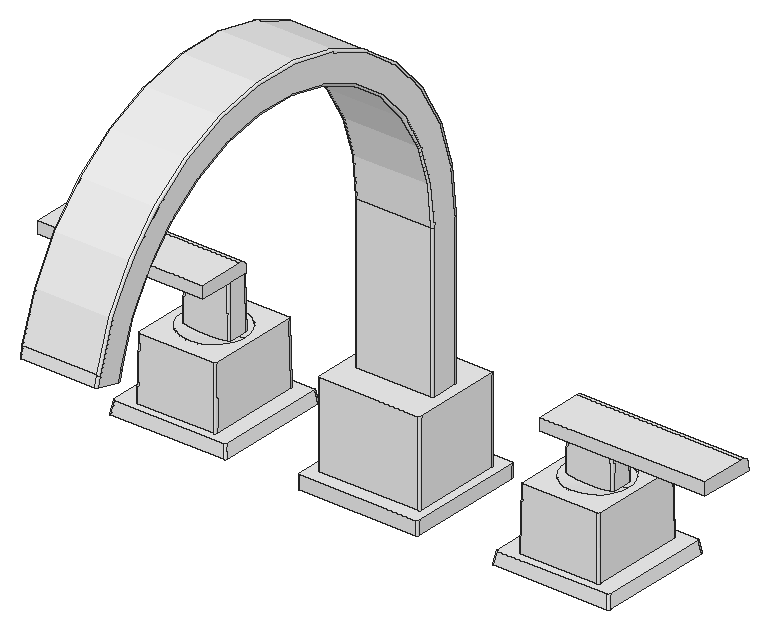
Revit family
Parameters (values of type "Polished Chrome")
  Waste Connection = no
  WFU = 0
  Version = 1
  Vent Connection = no
  URL = "http://www.deltafaucet.com"
  Product URL = "http://www.deltafaucet.com/bath/details/T2753.html"
  Overall Width [instance] = Handle Spread Distance + 0' 5 235/256"  # 1' - 1 235/256"
  Overall Length = 0' - 10.36693"  # constant formula
  Overall Height = 0' - 9.92244"  # constant formula
  Offset to Backsplash [instance] = 0' - 2 1/2"
  Model = "T2753"
  Manufacturer = "DELTA"  # constant formula
  Hot Water Connection Radius = Hot Water Connection NPT / 2  # 1/4"
  Hot Water Connection NPT = 1/2"
  Handle Spread Distance [instance] = 0' - 8"
  HWFU = 0
  HW Connection = yes
  Flow Pressure [instance] = 0.00 psi
  Finish = Chrome - DELTA - Polished
  Description = "Two Handle Roman Tub Faucet Trim"
  Collection = "Vero"  # constant formula
  Cold Water Connection Radius = Cold Water Connection NPT / 2  # 1/4"
  Cold Water Connection NPT = 1/2"
  CWFU = 0
  CW Connection = yes
  CADworks URL = "http://www.CADworks.net"
  Assembly Code = "D2010510"
  ADA Compliant = yes
Types (3): name | Product URL | Model | Finish
  (no name) | "http://www.deltafaucet.com/bath/details/T2753.html" | "T2753" | Chrome - DELTA - Polished
  Polished Chrome | "http://www.deltafaucet.com/bath/details/T2753.html" | "T2753" | Chrome - DELTA - Polished
  Brilliance Stainless | "http://www.deltafaucet.com/bath/details/T2753-SS.html" | "T2753-SS" | Steel - DELTA - Brilliance Stainless
Reference planes (in)
  plane 1 "Center (Front/Back)": y = 0
  plane 2: z = 0
  plane 3 "Center (Left/Right)": x = 0
  plane 4: y = -8.7626
  plane 5 "Wall Closure": y = 2.5
  plane 6: x = -4
  plane 7: x = 4
  plane 8: z = 0.27953
  plane 9: z = 2.02953
  plane 10: z = 2.65354
  plane 11: y = -0.54724
  plane 12: z = 9.92244
  plane 13: z = -0.25
  plane 14: x = 6.95898
  plane 15: z = 0.51181
  plane 16: z = 1.55118
  plane 17: z = 2.61417
  plane 18: z = 0.25197
  plane 19: y = -9.06772
  plane 20: y = 1.29921
  plane 21: x = -6.95898
Forms (in)
  Extrusion 1, solid, material "Chrome - DELTA - Polished" <- "Finish"
    sketch origin (0, 0, 0) x (1, 0, 0) y (0, 1, 0)
      loop
        arc (-1.25, -1.20669) -> (-1.23732, -1.23732) -> (-1.20669, -1.25) r 0.04331
        line (-1.20669, -1.25) -> (1.20669, -1.25)
        arc (1.20669, -1.25) -> (1.23732, -1.23732) -> (1.25, -1.20669) r 0.04331
        line (1.25, -1.20669) -> (1.25, 1.20669)
        arc (1.25, 1.20669) -> (1.23732, 1.23732) -> (1.20669, 1.25) r 0.04331
        line (1.20669, 1.25) -> (-1.20669, 1.25)
        arc (-1.20669, 1.25) -> (-1.23732, 1.23732) -> (-1.25, 1.20669) r 0.04331
        line (-1.25, 1.20669) -> (-1.25, -1.20669)
    from 0 to 0.27953
  Extrusion 2, solid, material "Chrome - DELTA - Polished" <- "Finish"
    sketch origin (1.25, -180, 0.27953) x (0, -1, 0) y (-1, 0, 0)
      loop
        line (-180.95866, 2.27165) -> (-180.95866, 0.22835)
        arc (-180.95866, 0.22835) -> (-180.94598, 0.19772) -> (-180.91535, 0.18504) r 0.04331
        line (-180.91535, 0.18504) -> (-179.08465, 0.18504)
        arc (-179.08465, 0.18504) -> (-179.05402, 0.19772) -> (-179.04134, 0.22835) r 0.04331
        line (-179.04134, 0.22835) -> (-179.04134, 2.27165)
        arc (-179.04134, 2.27165) -> (-179.05402, 2.30228) -> (-179.08465, 2.31496) r 0.04331
        line (-179.08465, 2.31496) -> (-180.91535, 2.31496)
        arc (-180.91535, 2.31496) -> (-180.94598, 2.30228) -> (-180.95866, 2.27165) r 0.04331
    from 0 to -1.75
  Sweep 3, solid, material "Chrome - DELTA - Polished" <- "Finish"
    path origin (0, 0, 0) x (0, 1, 0) y (0, 0, 1)
      loop
        line (0, 2.02953) -> (0, 5.18918)
        arc (0, 5.18918) -> (-3.91343, 9.57381) -> (-8.71288, 6.18189) r 4.41299
        line (-8.71288, 6.18189) -> (-8.7626, 5.96654)
    profile origin (0, 0, 3.60936) x (0, -1, 0) y (1, 0, 0)
      loop
        arc (0.26969, -0.81299) -> (0.30031, -0.80031) -> (0.31299, -0.76969) r 0.04331
        line (0.31299, -0.76969) -> (0.31299, 0.76969)
        arc (0.31299, 0.76969) -> (0.30031, 0.80031) -> (0.26969, 0.81299) r 0.04331
        line (0.26969, 0.81299) -> (-0.26969, 0.81299)
        arc (-0.26969, 0.81299) -> (-0.30031, 0.80031) -> (-0.31299, 0.76969) r 0.04331
        line (-0.31299, 0.76969) -> (-0.31299, -0.76969)
        arc (-0.31299, -0.76969) -> (-0.30031, -0.80031) -> (-0.26969, -0.81299) r 0.04331
        line (-0.26969, -0.81299) -> (0.26969, -0.81299)
  Blend 4, solid, material "Chrome - DELTA - Polished" <- "Finish"
    base sketch origin (0, 0, 0) x (1, 0, 0) y (0, 1, 0)
      loop
        arc (2.77559, -1.1811) -> (2.78827, -1.21173) -> (2.8189, -1.22441) r 0.04331
        line (2.8189, -1.22441) -> (5.1811, -1.22441)
        arc (5.1811, -1.22441) -> (5.21173, -1.21173) -> (5.22441, -1.1811) r 0.04331
        line (5.22441, -1.1811) -> (5.22441, 1.1811)
        arc (5.22441, 1.1811) -> (5.21173, 1.21173) -> (5.1811, 1.22441) r 0.04331
        line (5.1811, 1.22441) -> (2.8189, 1.22441)
        arc (2.8189, 1.22441) -> (2.78827, 1.21173) -> (2.77559, 1.1811) r 0.04331
        line (2.77559, 1.1811) -> (2.77559, -1.1811)
    top sketch origin (0, 0, 0) x (1, 0, 0) y (0, 1, 0)
      loop
        line (5.1378, 1.1811) -> (2.8622, 1.1811)
        arc (2.8622, 1.1811) -> (2.83158, 1.16842) -> (2.8189, 1.1378) r 0.04331
        line (2.8189, 1.1378) -> (2.8189, -1.1378)
        arc (2.8189, -1.1378) -> (2.83158, -1.16842) -> (2.8622, -1.1811) r 0.04331
        line (2.8622, -1.1811) -> (5.1378, -1.1811)
        arc (5.1378, -1.1811) -> (5.16842, -1.16842) -> (5.1811, -1.1378) r 0.04331
        line (5.1811, -1.1378) -> (5.1811, 1.1378)
        arc (5.1811, 1.1378) -> (5.16842, 1.16842) -> (5.1378, 1.1811) r 0.04331
    from 0 to 0.25197
  Blend 5, solid, material "Chrome - DELTA - Polished" <- "Finish"
    base sketch origin (0, 0, 0) x (-1, 0, 0) y (0, -1, 0)
      loop
        line (2.77559, 1.1811) -> (2.77559, -1.1811)
        arc (2.77559, -1.1811) -> (2.78827, -1.21173) -> (2.8189, -1.22441) r 0.04331
        line (2.8189, -1.22441) -> (5.1811, -1.22441)
        arc (5.1811, -1.22441) -> (5.21173, -1.21173) -> (5.22441, -1.1811) r 0.04331
        line (5.22441, -1.1811) -> (5.22441, 1.1811)
        arc (5.22441, 1.1811) -> (5.21173, 1.21173) -> (5.1811, 1.22441) r 0.04331
        line (5.1811, 1.22441) -> (2.8189, 1.22441)
        arc (2.8189, 1.22441) -> (2.78827, 1.21173) -> (2.77559, 1.1811) r 0.04331
    top sketch origin (0, 0, 0) x (-1, 0, 0) y (0, -1, 0)
      loop
        arc (5.1378, -1.1811) -> (5.16842, -1.16842) -> (5.1811, -1.1378) r 0.04331
        line (5.1811, -1.1378) -> (5.1811, 1.1378)
        arc (5.1811, 1.1378) -> (5.16842, 1.16842) -> (5.1378, 1.1811) r 0.04331
        line (5.1378, 1.1811) -> (2.8622, 1.1811)
        arc (2.8622, 1.1811) -> (2.83158, 1.16842) -> (2.8189, 1.1378) r 0.04331
        line (2.8189, 1.1378) -> (2.8189, -1.1378)
        arc (2.8189, -1.1378) -> (2.83158, -1.16842) -> (2.8622, -1.1811) r 0.04331
        line (2.8622, -1.1811) -> (5.1378, -1.1811)
    from 0 to 0.25197
  Blend 6, solid, material "Chrome - DELTA - Polished" <- "Finish"
    base sketch origin (1.25, -180, 0.51181) x (0, -1, 0) y (1, 0, 0)
      loop
        arc (-179.03937, 1.91535) -> (-179.00875, 1.92804) -> (-178.99606, 1.95866) r 0.04331
        line (-178.99606, 1.95866) -> (-178.99606, 3.54134)
        arc (-178.99606, 3.54134) -> (-179.00875, 3.57196) -> (-179.03937, 3.58465) r 0.04331
        line (-179.03937, 3.58465) -> (-180.96063, 3.58465)
        arc (-180.96063, 3.58465) -> (-180.99125, 3.57196) -> (-181.00394, 3.54134) r 0.04331
        line (-181.00394, 3.54134) -> (-181.00394, 1.95866)
        arc (-181.00394, 1.95866) -> (-180.99125, 1.92804) -> (-180.96063, 1.91535) r 0.04331
        line (-180.96063, 1.91535) -> (-179.03937, 1.91535)
    top sketch origin (1.25, -180, 0.51181) x (0, -1, 0) y (1, 0, 0)
      loop
        arc (-180.98425, 1.98031) -> (-180.97157, 1.94969) -> (-180.94094, 1.93701) r 0.04331
        line (-180.94094, 1.93701) -> (-179.05906, 1.93701)
        arc (-179.05906, 1.93701) -> (-179.02843, 1.94969) -> (-179.01575, 1.98031) r 0.04331
        line (-179.01575, 1.98031) -> (-179.01575, 3.51969)
        arc (-179.01575, 3.51969) -> (-179.02843, 3.55031) -> (-179.05906, 3.56299) r 0.04331
        line (-179.05906, 3.56299) -> (-180.94094, 3.56299)
        arc (-180.94094, 3.56299) -> (-180.97157, 3.55031) -> (-180.98425, 3.51969) r 0.04331
        line (-180.98425, 3.51969) -> (-180.98425, 1.98031)
    from -0.25984 to 1.03937
  Blend 7, solid, material "Chrome - DELTA - Polished" <- "Finish"
    base sketch origin (-1.25, -180, 0.51181) x (0, 1, 0) y (-1, 0, 0)
      loop
        line (179.03937, 1.91535) -> (180.96063, 1.91535)
        arc (180.96063, 1.91535) -> (180.99125, 1.92804) -> (181.00394, 1.95866) r 0.04331
        line (181.00394, 1.95866) -> (181.00394, 3.54134)
        arc (181.00394, 3.54134) -> (180.99125, 3.57196) -> (180.96063, 3.58465) r 0.04331
        line (180.96063, 3.58465) -> (179.03937, 3.58465)
        arc (179.03937, 3.58465) -> (179.00875, 3.57196) -> (178.99606, 3.54134) r 0.04331
        line (178.99606, 3.54134) -> (178.99606, 1.95866)
        arc (178.99606, 1.95866) -> (179.00875, 1.92804) -> (179.03937, 1.91535) r 0.04331
    top sketch origin (-1.25, -180, 0.51181) x (0, 1, 0) y (-1, 0, 0)
      loop
        line (180.98425, 1.98031) -> (180.98425, 3.51969)
        arc (180.98425, 3.51969) -> (180.97157, 3.55031) -> (180.94094, 3.56299) r 0.04331
        line (180.94094, 3.56299) -> (179.05906, 3.56299)
        arc (179.05906, 3.56299) -> (179.02843, 3.55031) -> (179.01575, 3.51969) r 0.04331
        line (179.01575, 3.51969) -> (179.01575, 1.98031)
        arc (179.01575, 1.98031) -> (179.02843, 1.94969) -> (179.05906, 1.93701) r 0.04331
        line (179.05906, 1.93701) -> (180.94094, 1.93701)
        arc (180.94094, 1.93701) -> (180.97157, 1.94969) -> (180.98425, 1.98031) r 0.04331
    from -0.25984 to 1.03937
  Revolve 8, void
    sketch origin (0, 0, 0) x (1, 0, 0) y (0, 0, 1)
      loop
        line (4, 1.55118) -> (3.33858, 1.55118)
        arc (3.33858, 1.55118) -> (3.66696, 1.4922) -> (4, 1.47244) r 2.81732
        line (4, 1.47244) -> (4, 1.55118)
      axis (4, 1.55118) -> (4, 1.47244)
    angle from 0 to 360
  Revolve 9, void
    sketch origin (0, 0, 0) x (-1, 0, 0) y (0, 0, 1)
      loop
        line (4, 1.55118) -> (3.33858, 1.55118)
        arc (3.33858, 1.55118) -> (3.66696, 1.4922) -> (4, 1.47244) r 2.81732
        line (4, 1.47244) -> (4, 1.55118)
      axis (4, 1.55118) -> (4, 1.47244)
    angle from 0 to 360
  Blend 10, solid, material "Chrome - DELTA - Polished" <- "Finish"
    base sketch origin (1.25, -180, 1.55118) x (0, -1, 0) y (1, 0, 0)
      loop
        arc (-179.8189, 2.25) -> (-179.78827, 2.26268) -> (-179.77559, 2.29331) r 0.04331
        line (-179.77559, 2.29331) -> (-179.77559, 3.20669)
        arc (-179.77559, 3.20669) -> (-179.78827, 3.23732) -> (-179.8189, 3.25) r 0.04331
        line (-179.8189, 3.25) -> (-180.20472, 3.25)
        arc (-180.20472, 3.25) -> (-180.23535, 3.23732) -> (-180.24803, 3.20669) r 0.04331
        line (-180.24803, 3.20669) -> (-180.24803, 2.29331)
        arc (-180.24803, 2.29331) -> (-180.23535, 2.26268) -> (-180.20472, 2.25) r 0.04331
        line (-180.20472, 2.25) -> (-179.8189, 2.25)
    top sketch origin (1.25, -180, 1.55118) x (0, -1, 0) y (1, 0, 0)
      loop
        line (-179.77559, 2.31102) -> (-179.77559, 3.18898)
        arc (-179.77559, 3.18898) -> (-179.78827, 3.2196) -> (-179.8189, 3.23228) r 0.04331
        line (-179.8189, 3.23228) -> (-180.18898, 3.23228)
        arc (-180.18898, 3.23228) -> (-180.2196, 3.2196) -> (-180.23228, 3.18898) r 0.04331
        line (-180.23228, 3.18898) -> (-180.23228, 2.31102)
        arc (-180.23228, 2.31102) -> (-180.2196, 2.2804) -> (-180.18898, 2.26772) r 0.04331
        line (-180.18898, 2.26772) -> (-179.8189, 2.26772)
        arc (-179.8189, 2.26772) -> (-179.78827, 2.2804) -> (-179.77559, 2.31102) r 0.04331
    from -0.09843 to 1.06299
  Blend 11, solid, material "Chrome - DELTA - Polished" <- "Finish"
    base sketch origin (-1.25, -180, 1.55118) x (0, 1, 0) y (-1, 0, 0)
      loop
        line (179.8189, 2.25) -> (180.20472, 2.25)
        arc (180.20472, 2.25) -> (180.23535, 2.26268) -> (180.24803, 2.29331) r 0.04331
        line (180.24803, 2.29331) -> (180.24803, 3.20669)
        arc (180.24803, 3.20669) -> (180.23535, 3.23732) -> (180.20472, 3.25) r 0.04331
        line (180.20472, 3.25) -> (179.8189, 3.25)
        arc (179.8189, 3.25) -> (179.78827, 3.23732) -> (179.77559, 3.20669) r 0.04331
        line (179.77559, 3.20669) -> (179.77559, 2.29331)
        arc (179.77559, 2.29331) -> (179.78827, 2.26268) -> (179.8189, 2.25) r 0.04331
    top sketch origin (-1.25, -180, 1.55118) x (0, 1, 0) y (-1, 0, 0)
      loop
        arc (179.77559, 2.31102) -> (179.78827, 2.2804) -> (179.8189, 2.26772) r 0.04331
        line (179.8189, 2.26772) -> (180.18898, 2.26772)
        arc (180.18898, 2.26772) -> (180.2196, 2.2804) -> (180.23228, 2.31102) r 0.04331
        line (180.23228, 2.31102) -> (180.23228, 3.18898)
        arc (180.23228, 3.18898) -> (180.2196, 3.2196) -> (180.18898, 3.23228) r 0.04331
        line (180.18898, 3.23228) -> (179.8189, 3.23228)
        arc (179.8189, 3.23228) -> (179.78827, 3.2196) -> (179.77559, 3.18898) r 0.04331
        line (179.77559, 3.18898) -> (179.77559, 2.31102)
    from -0.09843 to 1.06299
  Extrusion 12, solid, material "Chrome - DELTA - Polished" <- "Finish"
    sketch origin (4, 61.77165, 48) x (0, 1, 0) y (0, 0, -1)
      loop
        line (-61.53868, 45.4252) -> (-62.67323, 45.38976) -> (-62.67323, 45.1378) -> (-61.70232, 45.1378)
        arc (-61.70232, 45.1378) -> (-61.58919, 45.18408) -> (-61.54093, 45.29639) r 0.16142
        line (-61.54093, 45.29639) -> (-61.53868, 45.4252)
    from -2.95866 to 0.48228
  Extrusion 13, solid, material "Chrome - DELTA - Polished" <- "Finish"
    sketch origin (-4, 61.77165, 48) x (0, 1, 0) y (0, 0, 1)
      loop
        line (-61.53868, -45.4252) -> (-61.54093, -45.29639)
        arc (-61.54093, -45.29639) -> (-61.58919, -45.18408) -> (-61.70232, -45.1378) r 0.16142
        line (-61.70232, -45.1378) -> (-62.67323, -45.1378) -> (-62.67323, -45.38976) -> (-61.53868, -45.4252)
    from -2.95866 to 0.48228
  Extrusion 14, solid, material "Chrome - DELTA - Polished" <- "Finish", detail levels fine
    sketch origin (1.25, -180, -0.25) x (0, -1, 0) y (-1, 0, 0)
      loop
        circle (-180, 5.25) r 0.25
      loop
        circle (-180, -2.75) r 0.25
    from 0 to -0.25
Cuts and joins
  Revolve 8, Revolve 9 cuts Blend 6
  Revolve 9 cuts Blend 7
Lines and regions (in)
  Masking region 1
    outline origin (0, 0, 0) x (1, 0, 0) y (0, 1, 0)
      loop
        line (-0.81299, -1.25) -> (-0.81299, -9.02709)
        arc (-0.81299, -9.02709) -> (-0.79947, -9.05601) -> (-0.76969, -9.06751) r 0.04276
        line (-0.76969, -9.06751) -> (0.76969, -9.06757)
        arc (0.76969, -9.06757) -> (0.79947, -9.05601) -> (0.81299, -9.02709) r 0.04276
        line (0.81299, -9.02709) -> (0.81299, -1.25) -> (1.20669, -1.25)
        arc (1.20669, -1.25) -> (1.23732, -1.23732) -> (1.25, -1.20669) r 0.04331
        line (1.25, -1.20669) -> (1.25, 1.20669)
        arc (1.25, 1.20669) -> (1.23732, 1.23732) -> (1.20669, 1.25) r 0.04331
        line (1.20669, 1.25) -> (-1.20669, 1.25)
        arc (-1.20669, 1.25) -> (-1.23732, 1.23732) -> (-1.25, 1.20669) r 0.04331
        line (-1.25, 1.20669) -> (-1.25, -1.20669)
        arc (-1.25, -1.20669) -> (-1.23732, -1.23732) -> (-1.20669, -1.25) r 0.04331
        line (-1.20669, -1.25) -> (-0.81299, -1.25)
  Masking region 2
    outline origin (0, 0, 0) x (1, 0, 0) y (0, 1, 0)
      loop
        line (-5.22441, 0.23297) -> (-6.95898, 0.23297) -> (-6.95898, -0.90157) -> (-5.22441, -0.90157) -> (-5.22441, -1.18144)
        arc (-5.22441, -1.18144) -> (-5.21182, -1.21182) -> (-5.18144, -1.22441) r 0.04297
        line (-5.18144, -1.22441) -> (-2.81856, -1.22441)
        arc (-2.81856, -1.22441) -> (-2.78818, -1.21182) -> (-2.77559, -1.18144) r 0.04297
        line (-2.77559, -1.18144) -> (-2.77559, 1.18144)
        arc (-2.77559, 1.18144) -> (-2.78818, 1.21182) -> (-2.81856, 1.22441) r 0.04297
        line (-2.81856, 1.22441) -> (-5.18144, 1.22441)
        arc (-5.18144, 1.22441) -> (-5.21182, 1.21182) -> (-5.22441, 1.18144) r 0.04297
        line (-5.22441, 1.18144) -> (-5.22441, 0.23297)
  Masking region 3
    outline origin (0, 0, 0) x (1, 0, 0) y (0, 1, 0)
      loop
        arc (2.81856, 1.22441) -> (2.78818, 1.21182) -> (2.77559, 1.18144) r 0.04297
        line (2.77559, 1.18144) -> (2.77559, -1.18144)
        arc (2.77559, -1.18144) -> (2.78818, -1.21182) -> (2.81856, -1.22441) r 0.04297
        line (2.81856, -1.22441) -> (5.18144, -1.22441)
        arc (5.18144, -1.22441) -> (5.21182, -1.21182) -> (5.22441, -1.18144) r 0.04297
        line (5.22441, -1.18144) -> (5.22441, -0.90157) -> (6.95898, -0.90157) -> (6.95898, 0.23297) -> (5.22441, 0.23297) -> (5.22441, 1.18144)
        arc (5.22441, 1.18144) -> (5.21182, 1.21182) -> (5.18144, 1.22441) r 0.04297
        line (5.18144, 1.22441) -> (2.81856, 1.22441)
  symbolic lines
    curve 1: line (-5.22441, 0.23297, 9.92244) -> (-3.51772, 0.23297, 9.92244)
    curve 2: line (-3.51772, 0.23297, 9.92244) -> (-3.51772, -0.90157, 9.92244)
    curve 3: line (-3.51772, -0.90157, 9.92244) -> (-5.22441, -0.90157, 9.92244)
    curve 14: line (-0.81299, -1.25, 9.92244) -> (-0.81299, 0.26969, 9.92244)
    curve 15: arc (-0.81299, 0.26969, 9.92244) -> (-0.80031, 0.30031, 9.92244) -> (-0.76969, 0.31299, 9.92244) r 0.04331
    curve 16: line (-0.76969, 0.31299, 9.92244) -> (0.76969, 0.31299, 9.92244)
    curve 17: arc (0.76969, 0.31299, 9.92244) -> (0.80031, 0.30031, 9.92244) -> (0.81299, 0.26969, 9.92244) r 0.04331
    curve 18: line (0.81299, 0.26969, 9.92244) -> (0.81299, -1.25, 9.92244)
    curve 27: line (3.51772, 0.23297, 9.92244) -> (5.22441, 0.23297, 9.92244)
    curve 28: line (3.51772, -0.90157, 9.92244) -> (3.51772, 0.23297, 9.92244)
    curve 29: line (5.22441, -0.90157, 9.92244) -> (3.51772, -0.90157, 9.92244)
  symbolic lines, detail levels fine
    curve 4: arc (-4.61903, 0.23297, 9.92244) -> (-3.65045, 0.5615, 9.92244) -> (-3.51772, -0.45263, 9.92244) r 0.66142
    curve 30: arc (3.51772, -0.45263, 9.92244) -> (3.65045, 0.5615, 9.92244) -> (4.61903, 0.23297, 9.92244) r 0.66142
  symbolic lines, detail levels medium+fine
    curve 5: line (-4.83465, -0.96063, 9.92244) -> (-4.83465, -0.90157, 9.92244)
    curve 6: arc (-4.83465, 0.96063, 9.92244) -> (-4.82196, 0.99125, 9.92244) -> (-4.79134, 1.00394, 9.92244) r 0.04331
    curve 7: line (-4.79134, 1.00394, 9.92244) -> (-3.20866, 1.00394, 9.92244)
    curve 8: arc (-3.20866, 1.00394, 9.92244) -> (-3.17804, 0.99125, 9.92244) -> (-3.16535, 0.96063, 9.92244) r 0.04331
    curve 9: line (-3.16535, 0.96063, 9.92244) -> (-3.16535, -0.96063, 9.92244)
    curve 10: arc (-3.16535, -0.96063, 9.92244) -> (-3.17804, -0.99125, 9.92244) -> (-3.20866, -1.00394, 9.92244) r 0.04331
    curve 11: line (-3.20866, -1.00394, 9.92244) -> (-4.79134, -1.00394, 9.92244)
    curve 12: arc (-4.79134, -1.00394, 9.92244) -> (-4.82196, -0.99125, 9.92244) -> (-4.83465, -0.96063, 9.92244) r 0.04331
    curve 13: line (-4.83465, 0.23297, 9.92244) -> (-4.83465, 0.96063, 9.92244)
    curve 19: line (1.02165, -0.95866, 9.92244) -> (0.81299, -0.95866, 9.92244)
    curve 20: arc (-1.02165, -0.95866, 9.92244) -> (-1.05228, -0.94598, 9.92244) -> (-1.06496, -0.91535, 9.92244) r 0.04331
    curve 21: line (-1.06496, -0.91535, 9.92244) -> (-1.06496, 0.91535, 9.92244)
    curve 22: arc (1.06496, -0.91535, 9.92244) -> (1.05228, -0.94598, 9.92244) -> (1.02165, -0.95866, 9.92244) r 0.04331
    curve 23: line (1.06496, 0.91535, 9.92244) -> (1.06496, -0.91535, 9.92244)
    curve 24: arc (-1.06496, 0.91535, 9.92244) -> (-1.05228, 0.94598, 9.92244) -> (-1.02165, 0.95866, 9.92244) r 0.04331
    curve 25: line (-1.02165, 0.95866, 9.92244) -> (1.02165, 0.95866, 9.92244)
    curve 26: arc (1.02165, 0.95866, 9.92244) -> (1.05228, 0.94598, 9.92244) -> (1.06496, 0.91535, 9.92244) r 0.04331
    curve 31: line (3.20866, 1.00394, 9.92244) -> (4.79134, 1.00394, 9.92244)
    curve 32: arc (3.16535, 0.96063, 9.92244) -> (3.17804, 0.99125, 9.92244) -> (3.20866, 1.00394, 9.92244) r 0.04331
    curve 33: line (3.16535, -0.96063, 9.92244) -> (3.16535, 0.96063, 9.92244)
    curve 34: arc (4.79134, 1.00394, 9.92244) -> (4.82196, 0.99125, 9.92244) -> (4.83465, 0.96063, 9.92244) r 0.04331
    curve 35: line (4.83465, 0.96063, 9.92244) -> (4.83465, 0.23297, 9.92244)
    curve 36: arc (3.20866, -1.00394, 9.92244) -> (3.17804, -0.99125, 9.92244) -> (3.16535, -0.96063, 9.92244) r 0.04331
    curve 37: line (4.79134, -1.00394, 9.92244) -> (3.20866, -1.00394, 9.92244)
    curve 38: arc (4.83465, -0.96063, 9.92244) -> (4.82196, -0.99125, 9.92244) -> (4.79134, -1.00394, 9.92244) r 0.04331
    curve 39: line (4.83465, -0.90157, 9.92244) -> (4.83465, -0.96063, 9.92244)
    curve 40: line (-0.81299, -0.95866, 9.92244) -> (-1.02165, -0.95866, 9.92244)
Dimensions and locks (in)
  "Offset to Backsplash": plane 1 "Center (Front/Back)" to plane 5 "Wall Closure"
  locked: plane 4 to plane 1 "Center (Front/Back)" at 8.7626
  "Handle Spread Distance": plane 7 to plane 6
  equal spacing: plane 7, plane 3 "Center (Left/Right)", plane 6
  locked: plane 8 to plane 2 at 0.27953
  Extrusion 1 sketch curve to Extrusion 1 sketch curve to plane 3 "Center (Left/Right)" to Extrusion 1 sketch curve to Extrusion 1 sketch curve = 0' - 0.04331" locked, 0' - 1.20669" locked, 0' - 1.20669" locked, 0' - 0.04331" locked
  Extrusion 1 sketch curve to plane 3 "Center (Left/Right)" to Extrusion 1 sketch curve = 0' - 1.20669" locked, 0' - 1.20669" locked
  Extrusion 1 sketch curve to Extrusion 1 sketch curve to plane 1 "Center (Front/Back)" to Extrusion 1 sketch curve to Extrusion 1 sketch curve = 0' - 0.04331" locked, 0' - 1.20669" locked, 0' - 1.20669" locked, 0' - 0.04331" locked
  Extrusion 1 sketch curve to plane 1 "Center (Front/Back)" to Extrusion 1 sketch curve = 0' - 1.20669" locked, 0' - 1.20669" locked
  Extrusion 2 sketch curve to Extrusion 2 sketch curve to plane 3 "Center (Left/Right)" to Extrusion 2 sketch curve = 0' - 0.04331" locked, 0' - 1.02165" locked, 0' - 1.06496"
  Extrusion 2 sketch curve to plane 3 "Center (Left/Right)" to Extrusion 2 sketch curve = 0' - 1.02165" locked, 0' - 1.02165" locked
  Extrusion 2 sketch curve to Extrusion 2 sketch curve to plane 1 "Center (Front/Back)" to Extrusion 2 sketch curve to Extrusion 2 sketch curve = 0' - 0.04331" locked, 0' - 0.91535" locked, 0' - 0.91535" locked, 0' - 0.04331" locked
  Extrusion 2 sketch curve to plane 1 "Center (Front/Back)" to Extrusion 2 sketch curve = 0' - 0.91535" locked, 0' - 0.91535" locked
  locked: plane 10 to plane 2 at 2.65354
  locked: plane 9 to plane 2 at 2.02953
  locked: plane 11 to plane 1 "Center (Front/Back)" at 0.54724
  Sweep 3 sketch curve to Sweep 3 sketch curve to plane 3 "Center (Left/Right)" to Sweep 3 sketch curve to Sweep 3 sketch curve = 0' - 0.04331" locked, 0' - 0.76969" locked, 0' - 0.76969" locked, 0' - 0.04331" locked
  Sweep 3 sketch curve to plane 3 "Center (Left/Right)" to Sweep 3 sketch curve = 0' - 0.76969" locked, 0' - 0.76969" locked
  Sweep 3 sketch curve to Sweep 3 sketch curve to plane 1 "Center (Front/Back)" to Sweep 3 sketch curve to Sweep 3 sketch curve = 0' - 0.04331" locked, 0' - 0.26969" locked, 0' - 0.26969" locked, 0' - 0.04331" locked
  Sweep 3 sketch curve to plane 1 "Center (Front/Back)" to Sweep 3 sketch curve = 0' - 0.26969" locked, 0' - 0.26969" locked
  "Overall Height": plane 12 to plane 2
  locked: plane 2 to plane 13 at 0.25
  locked: plane 15 to plane 2 at 0.51181
  Blend 4 sketch curve to Blend 4 sketch curve to plane 7 to Blend 4 sketch curve to Blend 4 sketch curve = 0' - 0.04331" locked, 0' - 1.1811" locked, 0' - 1.1811" locked, 0' - 0.04331" locked
  Blend 4 sketch curve to plane 7 to Blend 4 sketch curve = 0' - 1.1811" locked, 0' - 1.1811" locked
  Blend 4 sketch curve to Blend 4 sketch curve to plane 1 "Center (Front/Back)" to Blend 4 sketch curve to Blend 4 sketch curve = 0' - 0.04331" locked, 0' - 1.1811" locked, 0' - 1.1811" locked, 0' - 0.04331" locked
  Blend 4 sketch curve to plane 1 "Center (Front/Back)" to Blend 4 sketch curve = 0' - 1.1811" locked, 0' - 1.1811" locked
  Blend 4 sketch curve to Blend 4 sketch curve to plane 1 "Center (Front/Back)" to Blend 4 sketch curve to Blend 4 sketch curve = 0' - 0.04331" locked, 0' - 1.1378" locked, 0' - 1.1378" locked, 0' - 0.04331" locked
  Blend 4 sketch curve to plane 1 "Center (Front/Back)" to Blend 4 sketch curve = 0' - 1.1378" locked, 0' - 1.1378" locked
  Blend 4 sketch curve to Blend 4 sketch curve to plane 7 to Blend 4 sketch curve to Blend 4 sketch curve = 0' - 0.04331" locked, 0' - 1.1378" locked, 0' - 1.1378" locked, 0' - 0.04331" locked
  Blend 4 sketch curve to plane 7 to Blend 4 sketch curve = 0' - 1.1378" locked, 0' - 1.1378" locked
  Blend 5 sketch curve to Blend 5 sketch curve to plane 6 to Blend 5 sketch curve to Blend 5 sketch curve = 0' - 0.04331" locked, 0' - 1.1811" locked, 0' - 1.1811" locked, 0' - 0.04331" locked
  Blend 5 sketch curve to plane 6 to Blend 5 sketch curve = 0' - 1.1811" locked, 0' - 1.1811" locked
  Blend 5 sketch curve to Blend 5 sketch curve to plane 1 "Center (Front/Back)" to Blend 5 sketch curve to Blend 5 sketch curve = 0' - 0.04331" locked, 0' - 1.1811" locked, 0' - 1.1811" locked, 0' - 0.04331" locked
  Blend 5 sketch curve to plane 1 "Center (Front/Back)" to Blend 5 sketch curve = 0' - 1.1811" locked, 0' - 1.1811" locked
  Blend 5 sketch curve to Blend 5 sketch curve to plane 1 "Center (Front/Back)" to Blend 5 sketch curve to Blend 5 sketch curve = 0' - 0.04331" locked, 0' - 1.1378" locked, 0' - 1.1378" locked, 0' - 0.04331" locked
  Blend 5 sketch curve to plane 1 "Center (Front/Back)" to Blend 5 sketch curve = 0' - 1.1378" locked, 0' - 1.1378" locked
  Blend 5 sketch curve to Blend 5 sketch curve to plane 6 to Blend 5 sketch curve to Blend 5 sketch curve = 0' - 0.04331" locked, 0' - 1.1378" locked, 0' - 1.1378" locked, 0' - 0.04331" locked
  Blend 5 sketch curve to plane 6 to Blend 5 sketch curve = 0' - 1.1378" locked, 0' - 1.1378" locked
  locked: plane 18 to plane 16 at 1.29921
  Blend 6 sketch curve to Blend 6 sketch curve to plane 7 to Blend 6 sketch curve to Blend 6 sketch curve = 0' - 0.04331" locked, 0' - 0.79134" locked, 0' - 0.79134" locked, 0' - 0.04331" locked
  Blend 6 sketch curve to plane 7 to Blend 6 sketch curve = 0' - 0.79134" locked, 0' - 0.79134" locked
  Blend 6 sketch curve to Blend 6 sketch curve to plane 1 "Center (Front/Back)" to Blend 6 sketch curve to Blend 6 sketch curve = 0' - 0.04331" locked, 0' - 0.96063" locked, 0' - 0.96063" locked, 0' - 0.04331" locked
  Blend 6 sketch curve to plane 1 "Center (Front/Back)" to Blend 6 sketch curve = 0' - 0.96063" locked, 0' - 0.96063" locked
  Blend 6 sketch curve to Blend 6 sketch curve to plane 7 to Blend 6 sketch curve to Blend 6 sketch curve = 0' - 0.04331" locked, 0' - 0.76969" locked, 0' - 0.76969" locked, 0' - 0.04331" locked
  Blend 6 sketch curve to plane 7 to Blend 6 sketch curve = 0' - 0.76969" locked, 0' - 0.76969" locked
  Blend 6 sketch curve to Blend 6 sketch curve to plane 1 "Center (Front/Back)" to Blend 6 sketch curve to Blend 6 sketch curve = 0' - 0.04331" locked, 0' - 0.94094" locked, 0' - 0.94094" locked, 0' - 0.04331" locked
  Blend 6 sketch curve to plane 1 "Center (Front/Back)" to Blend 6 sketch curve = 0' - 0.94094" locked, 0' - 0.94094" locked
  Blend 7 sketch curve to Blend 7 sketch curve to plane 6 to Blend 7 sketch curve to Blend 7 sketch curve = 0' - 0.04331" locked, 0' - 0.79134" locked, 0' - 0.79134" locked, 0' - 0.04331" locked
  Blend 7 sketch curve to plane 6 to Blend 7 sketch curve = 0' - 0.79134" locked, 0' - 0.79134" locked
  Blend 7 sketch curve to Blend 7 sketch curve to plane 1 "Center (Front/Back)" to Blend 7 sketch curve to Blend 7 sketch curve = 0' - 0.04331" locked, 0' - 0.96063" locked, 0' - 0.96063" locked, 0' - 0.04331" locked
  Blend 7 sketch curve to plane 1 "Center (Front/Back)" to Blend 7 sketch curve = 0' - 0.96063" locked, 0' - 0.96063" locked
  Blend 7 sketch curve to Blend 7 sketch curve to Blend 7 sketch curve to Blend 7 sketch curve = 0' - 0.04331" locked, 0' - 1.53937", 0' - 0.04331" locked
  Blend 7 sketch curve to Blend 7 sketch curve = 0' - 1.53937"
  Blend 7 sketch curve to Blend 7 sketch curve to Blend 7 sketch curve to Blend 7 sketch curve = 0' - 0.04331" locked, 0' - 1.88189", 0' - 0.04331" locked
  Blend 7 sketch curve to Blend 7 sketch curve = 0' - 1.88189"
  locked: Revolve 8 sketch curve to Revolve 8 sketch curve at 0.66142
  locked: plane 16 to Revolve 8 sketch curve at 0.07874
  locked: Revolve 9 sketch curve to Revolve 9 sketch curve at 0.66142
  locked: plane 16 to Revolve 9 sketch curve at 0.07874
  Blend 10 sketch curve to Blend 10 sketch curve to plane 7 to Blend 10 sketch curve to Blend 10 sketch curve = 0' - 0.04331" locked, 0' - 0.45669" locked, 0' - 0.45669" locked, 0' - 0.04331" locked
  Blend 10 sketch curve to plane 7 to Blend 10 sketch curve = 0' - 0.45669" locked, 0' - 0.45669" locked
  Blend 10 sketch curve to Blend 10 sketch curve to plane 1 "Center (Front/Back)" to Blend 10 sketch curve to Blend 10 sketch curve = 0' - 0.04331" locked, 0' - 0.1811" locked, 0' - 0.20472" locked, 0' - 0.04331" locked
  Blend 10 sketch curve to plane 1 "Center (Front/Back)" to Blend 10 sketch curve = 0' - 0.1811" locked, 0' - 0.20472" locked
  Blend 10 sketch curve to Blend 10 sketch curve to plane 7 to Blend 10 sketch curve to Blend 10 sketch curve = 0' - 0.04331" locked, 0' - 0.43898" locked, 0' - 0.43898" locked, 0' - 0.04331" locked
  Blend 10 sketch curve to plane 7 to Blend 10 sketch curve = 0' - 0.43898" locked, 0' - 0.43898" locked
  Blend 10 sketch curve to Blend 10 sketch curve to plane 1 "Center (Front/Back)" to Blend 10 sketch curve to Blend 10 sketch curve = 0' - 0.04331" locked, 0' - 0.1811" locked, 0' - 0.18898" locked, 0' - 0.04331" locked
  Blend 10 sketch curve to plane 1 "Center (Front/Back)" to Blend 10 sketch curve = 0' - 0.1811" locked, 0' - 0.18898" locked
  locked: plane 17 to plane 2 at 2.61417
  Blend 11 sketch curve to Blend 11 sketch curve to plane 6 to Blend 11 sketch curve to Blend 11 sketch curve = 0' - 0.04331" locked, 0' - 0.45669" locked, 0' - 0.45669" locked, 0' - 0.04331" locked
  Blend 11 sketch curve to plane 6 to Blend 11 sketch curve = 0' - 0.45669" locked, 0' - 0.45669" locked
  Blend 11 sketch curve to Blend 11 sketch curve to plane 1 "Center (Front/Back)" to Blend 11 sketch curve to Blend 11 sketch curve = 0' - 0.04331" locked, 0' - 0.20472" locked, 0' - 0.1811" locked, 0' - 0.04331" locked
  Blend 11 sketch curve to plane 1 "Center (Front/Back)" to Blend 11 sketch curve = 0' - 0.20472" locked, 0' - 0.1811" locked
  Blend 11 sketch curve to Blend 11 sketch curve to plane 6 to Blend 11 sketch curve to Blend 11 sketch curve = 0' - 0.04331" locked, 0' - 0.43898" locked, 0' - 0.43898" locked, 0' - 0.04331" locked
  Blend 11 sketch curve to plane 6 to Blend 11 sketch curve = 0' - 0.43898" locked, 0' - 0.43898" locked
  Blend 11 sketch curve to Blend 11 sketch curve to plane 1 "Center (Front/Back)" to Blend 11 sketch curve to Blend 11 sketch curve = 0' - 0.04331" locked, 0' - 0.18898" locked, 0' - 0.1811" locked, 0' - 0.04331" locked
  Blend 11 sketch curve to plane 1 "Center (Front/Back)" to Blend 11 sketch curve = 0' - 0.18898" locked, 0' - 0.1811" locked
  locked: plane 16 to Blend 11 at 0.09843
  locked: plane 17 to Blend 11 at 1.16142
  locked: plane 16 to Blend 10 at 0.09843
  locked: plane 17 to Blend 10 at 1.16142
  Extrusion 12 sketch curve to plane 1 "Center (Front/Back)" to Extrusion 12 sketch curve to Extrusion 12 sketch curve to Extrusion 12 sketch curve = 0' - 0.90157" locked, 0' - 0.06933" locked, 0' - 0.16139" locked, 0' - 0.00225" locked
  Extrusion 12 sketch curve to Extrusion 12 sketch curve to plane 17 to Extrusion 12 sketch curve to Extrusion 12 sketch curve = 0' - 0.03543" locked, 0' - 0.00394" locked, 0' - 0.08943" locked, 0' - 0.1586" locked
  Extrusion 12 to plane 7 to Extrusion 12 = 0' - 0.48228" locked, 0' - 2.95866" locked
  Extrusion 13 sketch curve to plane 1 "Center (Front/Back)" to Extrusion 13 sketch curve to Extrusion 13 sketch curve to Extrusion 13 sketch curve = 0' - 0.90157" locked, 0' - 0.06933" locked, 0' - 0.16139" locked, 0' - 0.00225" locked
  Extrusion 13 sketch curve to Extrusion 13 sketch curve to plane 17 to Extrusion 13 sketch curve to Extrusion 13 sketch curve = 0' - 0.03543" locked, 0' - 0.00394" locked, 0' - 0.08943" locked, 0' - 0.1586" locked
  Extrusion 13 to plane 6 to Extrusion 13 = 0' - 0.48228" locked, 0' - 2.95866" locked
  locked: plane 18 to plane 2 at 0.25197
  locked: plane 1 "Center (Front/Back)" to plane 20 at 1.29921
  "Overall Length": plane 20 to plane 19
  locked: plane 6 to Extrusion 14 sketch curve at 0
  locked: plane 1 "Center (Front/Back)" to Extrusion 14 sketch curve at 0  (x2)
  locked: plane 7 to Extrusion 14 sketch curve at 0
  locked: Sweep 3 sketch curve to plane 2 at 5.96654
  Sweep 3 sketch curve to Sweep 3 sketch curve to plane 1 "Center (Front/Back)" = 0' - 0.04972" locked, 0' - 8.71288" locked
  locked: plane 9 to Sweep 3 sketch curve at 3.15966
  locked: plane 6 to plane 21 at 2.95898
  locked: plane 7 to plane 14 at 2.95898
  equal spacing: Masking region 1 sketch curve, plane 3 "Center (Left/Right)", Masking region 1 sketch curve  (x2)
  locked: Masking region 1 sketch curve to Masking region 1 sketch curve at 2.5
  Masking region 1 sketch curve to Masking region 1 sketch curve to Masking region 1 sketch curve to plane 1 "Center (Front/Back)" = 0' - 7.81757" locked, 0' - 0" locked, 0' - 1 1/4" locked
  locked: Masking region 1 sketch curve to plane 19 at 10.31772
  locked: Masking region 1 sketch curve to Masking region 1 sketch curve at 1.62598
  equal spacing: Masking region 3 sketch curve, plane 1 "Center (Front/Back)", Masking region 3 sketch curve
  locked: Masking region 3 sketch curve to Masking region 3 sketch curve at 2.44882  (x2)
  equal spacing: Masking region 3 sketch curve, plane 7, Masking region 3 sketch curve
  equal spacing: Masking region 2 sketch curve, plane 6, Masking region 2 sketch curve
  locked: Masking region 2 sketch curve to Masking region 2 sketch curve at 2.44882  (x2)
  equal spacing: Masking region 2 sketch curve, plane 1 "Center (Front/Back)", Masking region 2 sketch curve
  Masking region 2 sketch curve to plane 1 "Center (Front/Back)" to Masking region 2 sketch curve = 0' - 0.23297" locked, 0' - 0.90157" locked
  Masking region 3 sketch curve to plane 1 "Center (Front/Back)" to Masking region 3 sketch curve = 0' - 0.90157" locked, 0' - 0.23297" locked
  radius of Extrusion 1 sketch curve = 0' - 0.04331"  (x4)
  radius of Sweep 3 sketch curve = 0' - 0.04331"  (x4)
  radius of Blend 4 sketch curve = 0' - 0.04331"  (x8)
  radius of Blend 5 sketch curve = 0' - 0.04331"  (x8)
  radius of Blend 6 sketch curve = 0' - 0.04331"  (x8)
  radius of Blend 7 sketch curve = 0' - 0.04331"  (x8)
  radius of Revolve 8 sketch curve = 0' - 2.81732"
  radius of Revolve 9 sketch curve = 0' - 2.81732"
  radius of Blend 10 sketch curve = 0' - 0.04331"  (x8)
  radius of Blend 11 sketch curve = 0' - 0.04331"  (x8)
  radius of Extrusion 12 sketch curve = 0' - 0.16142"
  radius of Extrusion 13 sketch curve = 0' - 0.16142"
  "Cold Water Connection Radius": radius of Extrusion 14 sketch curve
  "Hot Water Connection Radius": radius of Extrusion 14 sketch curve
  radius of Sweep 3 sketch curve = 0' - 4.41299"
  radius of Masking region 1 sketch curve = 0' - 0.04331"  (x4)
  radius of Masking region 1 sketch curve = 0' - 0.04276"  (x2)
  radius of Masking region 3 sketch curve = 0' - 0 11/256"  (x4)
  radius of Masking region 2 sketch curve = 0' - 0 11/256"  (x4)
  locked: plane 9 to Sweep 3 sketch curve (angle 77.00°)
  aligned and locked: Extrusion 1 to plane 2
  aligned and locked: Extrusion 1 to plane 8
  aligned and locked: plane 8 to Extrusion 2
  aligned and locked: Extrusion 2 to plane 9
  aligned and locked: plane 9 to Sweep 3 sketch curve
  aligned: Blend 4 to plane 15
  aligned and locked: Blend 4 to plane 2
  aligned and locked: Blend 5 to plane 2
  aligned: Blend 5 to plane 15
  aligned and locked: Blend 6 to plane 16
  aligned: plane 15 to Blend 6
  aligned: plane 15 to Blend 7
  aligned and locked: Blend 7 to plane 16
  aligned and locked: plane 7 to Revolve 8 sketch curve
  aligned and locked: Revolve 8 sketch curve to Revolve 8 sketch curve
  aligned and locked: plane 16 to Revolve 8 sketch curve
  aligned and locked: Revolve 9 sketch curve to Revolve 9 sketch curve
  aligned and locked: Revolve 9 sketch curve to plane 6
  aligned and locked: Revolve 9 sketch curve to plane 16
  aligned: Blend 10 to plane 17  (x2)
  aligned: Blend 11 to plane 17  (x2)
  aligned and locked: Extrusion 12 to Blend 10
  aligned and locked: Blend 10 to plane 17
  aligned and locked: Blend 11 to plane 17
  aligned and locked: Blend 5 to plane 18
  aligned and locked: plane 18 to cut or joined group of Blend 7, Revolve 9
  aligned and locked: Blend 4 to plane 18
  aligned and locked: plane 18 to cut or joined group of Blend 6, Revolve 8, Revolve 9
  aligned and locked: plane 13 to Extrusion 14
  aligned and locked: plane 2 to Extrusion 14
  aligned and locked: Extrusion 13 to curve 1
  aligned and locked: curve 2 to Extrusion 13
  aligned and locked: curve 3 to Extrusion 13
  aligned and locked: curve 4 to cut or joined group of Blend 7, Revolve 9
  aligned and locked: curve 6 to cut or joined group of Blend 7, Revolve 9
  aligned and locked: curve 8 to cut or joined group of Blend 7, Revolve 9
  aligned and locked: curve 10 to cut or joined group of Blend 7, Revolve 9
  aligned and locked: curve 12 to cut or joined group of Blend 7, Revolve 9
  aligned and locked: Extrusion 13 to curve 5
  aligned and locked: curve 1 to curve 13
  aligned and locked: Sweep 3 to curve 14
  aligned and locked: curve 15 to Sweep 3
  aligned and locked: curve 17 to Sweep 3
  aligned and locked: curve 19 to Extrusion 2
  aligned and locked: curve 20 to Extrusion 2
  aligned and locked: curve 21 to Extrusion 2
  aligned and locked: curve 22 to Extrusion 2
  aligned and locked: curve 24 to Extrusion 2
  aligned and locked: curve 26 to Extrusion 2
  aligned and locked: curve 27 to Extrusion 12
  aligned and locked: curve 28 to Extrusion 12
  aligned and locked: Extrusion 12 to curve 29
  aligned and locked: Blend 4 to curve 27
  aligned and locked: Blend 4 to curve 29
  aligned and locked: curve 30 to cut or joined group of Blend 6, Revolve 8, Revolve 9
  aligned and locked: curve 32 to cut or joined group of Blend 6, Revolve 8, Revolve 9
  aligned and locked: curve 34 to cut or joined group of Blend 6, Revolve 8, Revolve 9
  aligned and locked: curve 36 to cut or joined group of Blend 6, Revolve 8, Revolve 9
  aligned and locked: curve 38 to cut or joined group of Blend 6, Revolve 8, Revolve 9
  aligned and locked: curve 27 to curve 35
  aligned and locked: Extrusion 12 to curve 39
  aligned and locked: Sweep 3 sketch curve to plane 1 "Center (Front/Back)"
  aligned and locked: Masking region 3 sketch curve to Masking region 3 sketch curve
  aligned and locked: plane 14 to Masking region 3 sketch curve
  aligned and locked: Masking region 2 sketch curve to Masking region 2 sketch curve
  aligned and locked: Masking region 2 sketch curve to plane 21
Automatic sketch dimensions
  Blend 7 sketch curve to plane 11 = 0' - 0.43701"
  plane 6 to Blend 7 sketch curve = 0' - 0.81299"
  plane 9 to Revolve 8 sketch curve = 0' - 0.02362"
  plane 17 to Revolve 8 sketch curve = 0' - 0.17323"
  Revolve 9 sketch curve to plane 9 = 0' - 0.02362"
  Revolve 9 sketch curve to plane 17 = 0' - 0.17323"
  curve 27 to plane 1 "Center (Front/Back)" = 0' - 0.23297"
  curve 13 to plane 1 "Center (Front/Back)" = 0' - 0.23297"
  plane 11 to curve 30 = 0' - 0.09461"
  plane 11 to curve 4 = 0' - 0.09461"
  curve 3 to curve 10 = 0' - 0.05906"
  curve 28 to curve 36 = 0' - 0.05906"
  curve 20 to plane 11 = 0' - 0.36811"
  curve 20 to curve 40 = 0' - 0.04331"
  curve 1 to curve 13 = 0' - 0.38976"
  curve 3 to curve 5 = 0' - 0.38976"
  plane 19 to Masking region 1 sketch curve = 0' - 0.04062"  (x2)
  curve 40 to curve 14 = 0' - 0.29134"
  curve 19 to curve 18 = 0' - 0.29134"
  Masking region 1 sketch curve to Masking region 1 sketch curve = 0' - 0.0427"  (x2)
  Masking region 1 sketch curve to Masking region 1 sketch curve = 0' - 0"  (x2)
  Masking region 1 sketch curve to Masking region 1 sketch curve = 0' - 0.00006"  (x2)
Connectors (in)
  piping at (-4, 0, 0), driven by "Hot Water Connection Radius", driven by "HWFU", driven by "Flow Pressure"
    settings: on Extrusion 14, index 1
  piping at (4, 0, 0), driven by "Cold Water Connection Radius", driven by "CWFU", driven by "Flow Pressure"
    settings: on Extrusion 14, index 2
